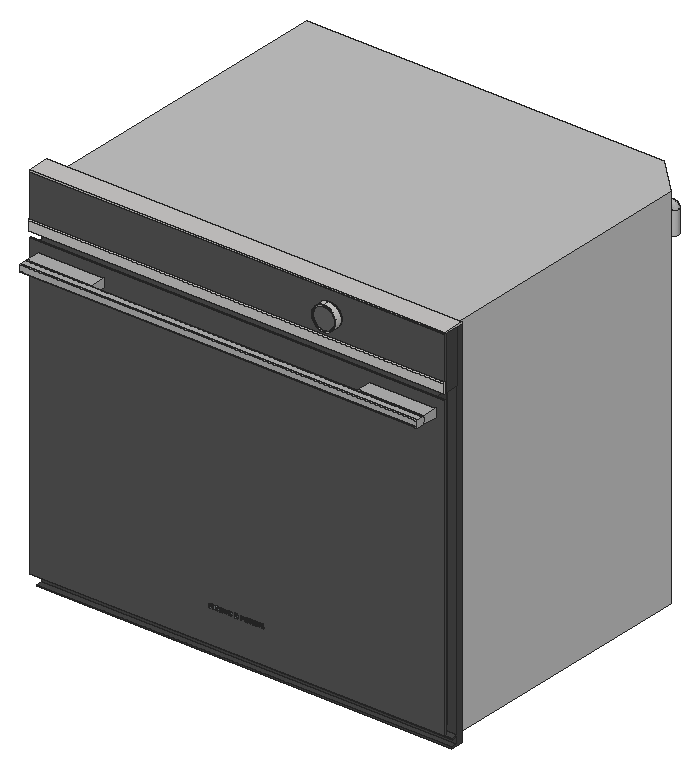
Revit family "FP-Revit18-OB76SDPTDX2-Oven-0-9000xxxxA", category Specialty Equipment, Revit 2018
Family settings
  Round Connector Dimension = Use Diameter
  Part Type = Normal
  OmniClass Number = 23.40.40.14.17.11
  OmniClass Title = Cookers, Ovens, Stoves
  Work Plane-Based = No
  Always vertical = Yes
  Cut with Voids When Loaded = Yes
  Shared = No
  Room Calculation Point = No
Parameters (values of type "OB76SDPTDX2")
  Visibility - Long Trim (Flush Installation) [instance] = no
  Visibility - Clearance Required = yes
  URL = "www.fisherpaykel.com"
  Product - Width = 760 mm  # constant formula
  Product - Height = 690 mm  # constant formula
  Product - Depth = 609 mm  # constant formula
  Model = "OB76SDPTDX2"
  Material - Trim = Fisher & Paykel - Stainless Steel
  Material - Structure = Fisher & Paykel - Black
  Material - Logo = Fisher & Paykel - Graphics Grey
  Material - Handle = Fisher & Paykel - Aluminium
  Material - Glass = Fisher & Paykel - Glass, Black
  Material - Buttons and Dials = Fisher & Paykel - Stainless Steel
  Material - Body = Fisher & Paykel - Grey
  Manufacturer = "Fisher & Paykel Appliances"
  FFL Offset [instance] = 167 mm
  Description = "76cm Self Cleaning Oven"
  Connector Note - Electrical = "220-240 V, 50 Hz, 4.25 kW Max"
  Chassis - Width = 720 mm  # constant formula
  Chassis - Height = 675 mm  # constant formula
  Chassis - Depth = 569 mm  # constant formula
  Cavity - Width = 724 mm  # constant formula
  Cavity - Height = 681 mm  # constant formula
  Cavity - Depth = 575 mm  # constant formula
  Cabinet - Height = 693 mm  # constant formula
Reference planes
  plane 1 "Datum": y = 0
  plane 2: z = 0
  plane 3 "Center (Left/Right)": x = 0
  plane 4 "Cabinet - Height": z = 860
  plane 5 "Product LHS": x = -380
  plane 6 "Product RHS": x = 380
  plane 7 "Product - Depth": y = 569
  plane 8 "Cavity LHS": x = -382
  plane 9 "Cavity RHS": x = 382
  plane 10 "Cavity - Depth": y = 575
  plane 11 "Front Face": y = -40
  plane 12 "FFL Offset": z = 167
  plane 13 "Product - Height": z = 857
  plane 14: z = 848
Forms (mm)
  Extrusion 1, solid, material "Fisher & Paykel - Grey" <- "Material - Body"
    sketch origin (0, 0, 0) x (1, 0, 0) y (0, 1, 0)
      loop
        line (-359.809, 0) -> (360.191, 0) -> (360.191, 503) -> (294.191, 569) -> (-359.809, 569) -> (-359.809, 0)
    from 167 to 842
  Extrusion 2, solid, material "Fisher & Paykel - Clearance Required", visible <- "Visibility - Clearance Required", detail levels coarse
    sketch origin (0, 0, 0) x (1, 0, 0) y (0, 1, 0)
      loop
        line (-361.809, 0) -> (362.191, 0) -> (362.191, 575) -> (-361.809, 575) -> (-361.809, 0)
    from 167 to 848
  Extrusion 3, solid, material "Fisher & Paykel - Black" <- "Material - Structure"
    sketch origin (0, 0, 0) x (0, 1, 0) y (0, 0, 1)
      loop
        line (-11, 854.1) -> (-11, 184.834) -> (-21.5, 182.02) -> (-21.254, 181.102) -> (-11, 183.85) -> (-11, 168.95) -> (-22, 168.95) -> (-22, 167) -> (0, 167) -> (0, 854.1) -> (-11, 854.1)
    from -380 to 380
  Extrusion 4, solid, material "Fisher & Paykel - Black" <- "Material - Structure"
    sketch origin (0, 0, 0) x (0, 1, 0) y (0, 0, 1)
      loop
        line (-36, 854.1) -> (-36, 757) -> (-11, 757) -> (-11, 854.1) -> (-36, 854.1)
    from -380 to 380
  Extrusion 5, solid, material "Fisher & Paykel - Black" <- "Material - Structure"
    sketch origin (0, 0, 0) x (0, 1, 0) y (0, 0, 1)
      loop
        line (-16.2, 194.63) -> (-16.2, 744.665) -> (-36, 744.665) -> (-36, 194.63) -> (-16.2, 194.63)
    from -365 to 363.494
  Extrusion 6, solid, material "Fisher & Paykel - Black" <- "Material - Structure"
    sketch origin (0, 0, 0) x (0, 1, 0) y (0, 0, 1)
      loop
        line (-16.2, 744.665) -> (-16.2, 194.63) -> (-11, 194.63) -> (-11, 744.665) -> (-16.2, 744.665)
    from -361 to 361
  Extrusion 7, solid, material "Fisher & Paykel - Glass, Black" <- "Material - Glass"
    sketch origin (0, 0, 0) x (0, 1, 0) y (0, 0, 1)
      loop
        line (-40, 744.665) -> (-40, 194.63) -> (-36, 194.63) -> (-36, 744.665) -> (-40, 744.665)
    from -380 to 380
  Extrusion 8, solid, material "Fisher & Paykel - Glass, Black" <- "Material - Glass"
    sketch origin (0, 0, 0) x (0, 1, 0) y (0, 0, 1)
      loop
        line (-40, 853.639) -> (-40, 757) -> (-36, 757) -> (-36, 853.639) -> (-40, 853.639)
    from -380 to 380
  Extrusion 9, solid, material "Fisher & Paykel - Stainless Steel" <- "Material - Trim", detail levels fine
    sketch origin (0, 0, 0) x (0, 1, 0) y (0, 0, 1)
      loop
        line (-41.95, 774.531) -> (-41.95, 757) -> (-40, 757) -> (-40, 776.643) -> (-40.8, 776.643) -> (-41.95, 774.531)
    from -380 to 380
  Extrusion 10, solid, material "Fisher & Paykel - Clearance Required", visible <- "Visibility - Clearance Required", detail levels coarse
    sketch origin (0, -2000, 0) x (0, 1, 0) y (0, 0, 1)
      loop
        line (2000, 860) -> (1960.062, 860) -> (1960.062, 746.128)
        arc (1960.062, 746.128) -> (1570.095, 584.598) -> (1408.565, 194.63) r 551.498
        line (1408.565, 194.63) -> (1960, 194.63) -> (1960, 167) -> (2000, 167) -> (2000, 860)
    from -382 to 382
  Extrusion 11, solid, material "Fisher & Paykel - Stainless Steel" <- "Material - Trim"
    sketch origin (0, 0, 0) x (0, 1, 0) y (0, 0, 1)
      loop
        line (-40, 857) -> (-40, 854.1) -> (0, 854.1) -> (0, 857) -> (-40, 857)
    from -380 to 380
  Extrusion 12, void
    sketch origin (0, 0, 0) x (1, 0, 0) y (0, 1, 0)
      loop
        line (-361.809, 575) -> (-361.809, 0) -> (362.191, 0) -> (362.191, 575) -> (-361.809, 575)
    from 167 to 848
  Extrusion 13, void
    sketch origin (0, 0, 0) x (1, 0, 0) y (0, 1, 0)
      loop
        line (-382, 0) -> (-382, -40) -> (382, -40) -> (382, 0) -> (-382, 0)
    from 167 to 860
  Revolve 14, solid, material "Fisher & Paykel - Stainless Steel" <- "Material - Buttons and Dials", detail levels fine
    sketch origin (170, -40, 812.5) x (0, 1, 0) y (0, 0, 1)
      loop
        line (0, 22) -> (-0.843, 22) -> (-0.843, 16.038) -> (-2.39, 16.038) -> (-2.39, 22) -> (-13.7, 22) -> (-13.7, 21.2) -> (-13.191, 20) -> (-8.9, 20) -> (-8.9, 0) -> (0, 0) -> (0, 22)
      axis (0, 0) -> (-13.7, 0)
    angle from 0 to 360
  Extrusion 15, solid, material "Fisher & Paykel - Stainless Steel, Dark", detail levels fine
    sketch origin (170, -40, 812.5) x (1, 0, 0) y (0, 0, 1)
      loop
        circle (0, 0) r 19.45
    from 8.9 to 13.191
  Extrusion 16, solid, material "Fisher & Paykel - Stainless Steel" <- "Material - Buttons and Dials", detail levels coarse+medium
    sketch origin (170, -40, 812.5) x (1, 0, 0) y (0, 0, 1)
      loop
        circle (0, 0) r 22
    from 0 to 13.7
  Extrusion 17, solid, material "Fisher & Paykel - Bezel Red", detail levels fine
    sketch origin (170, -40, 812.5) x (1, 0, 0) y (0, 0, 1)
      loop
        circle (0, 0) r 19.45
      loop
        circle (0, 0) r 20
    from 2.39 to 13.191
  Extrusion 18, solid, material "Fisher & Paykel - Aluminium" <- "Material - Handle", detail levels fine
    sketch origin (8.022, -41, 719.648) x (0, 1, 0) y (0, 0, 1)
      loop
        arc (-26.813, 6.16) -> (-27.196, 6.554) -> (-27.728, 6.686) r 1
        line (-27.728, 6.686) -> (-40.035, 6.256)
        arc (-40.035, 6.256) -> (-40.719, 5.951) -> (-41, 5.257) r 1
        line (-41, 5.257) -> (-41, -5.257)
        arc (-41, -5.257) -> (-40.719, -5.951) -> (-40.035, -6.256) r 1
        line (-40.035, -6.256) -> (-27.709, -6.686)
        arc (-27.709, -6.686) -> (-27.175, -6.554) -> (-26.792, -6.158) r 1
        arc (-26.792, -6.158) -> (-25.256, 0.004) -> (-26.813, 6.16) r 13.038
    from -371.522 to 355.478
  Extrusion 19, solid, material "Fisher & Paykel - Aluminium" <- "Material - Handle", detail levels fine
    sketch origin (8.022, -41, 719.648) x (0, 1, 0) y (0, 0, 1)
      loop
        arc (-26.626, -6.008) -> (-26.614, -6.49) -> (-26.2, -6.737) r 0.5
        line (-26.2, -6.737) -> (1, -7.732) -> (1, 7.741) -> (-26.174, 6.747)
        arc (-26.174, 6.747) -> (-26.587, 6.5) -> (-26.6, 6.019) r 0.5
        arc (-26.6, 6.019) -> (-25.156, 0.002) -> (-26.626, -6.008) r 13.136
    from 235.478 to 355.478
  Extrusion 20, solid, material "Fisher & Paykel - Aluminium" <- "Material - Handle", detail levels coarse+medium
    sketch origin (8.022, -42, 719.648) x (1, 0, 0) y (0, 1, 0)
      loop
        line (-371.522, -40) -> (355.478, -40) -> (355.478, 2) -> (235.478, 2) -> (235.478, -24.334) -> (-251.522, -24.334) -> (-251.522, 2) -> (-371.522, 2) -> (-371.522, -40)
    from -8.022 to 7.978
  Extrusion 21, solid, material "Fisher & Paykel - Aluminium" <- "Material - Handle", detail levels fine
    sketch origin (8.022, -41, 719.648) x (0, 1, 0) y (0, 0, 1)
      loop
        arc (-26.626, -6.008) -> (-26.614, -6.49) -> (-26.2, -6.737) r 0.5
        line (-26.2, -6.737) -> (1, -7.732) -> (1, 7.741) -> (-26.174, 6.747)
        arc (-26.174, 6.747) -> (-26.587, 6.5) -> (-26.6, 6.019) r 0.5
        arc (-26.6, 6.019) -> (-25.156, 0.002) -> (-26.626, -6.008) r 13.136
    from -371.522 to -251.522
  Extrusion 22, solid, material "Fisher & Paykel - Aluminium" <- "Material - Handle", not visible, detail levels fine
    sketch origin (8.022, -2041, 719.648) x (0, 1, 0) y (0, 0, 1)
      loop
        arc (-26.813, 6.16) -> (-27.196, 6.554) -> (-27.728, 6.686) r 1
        line (-27.728, 6.686) -> (-40.035, 6.256)
        arc (-40.035, 6.256) -> (-40.719, 5.951) -> (-41, 5.257) r 1
        line (-41, 5.257) -> (-41, -5.257)
        arc (-41, -5.257) -> (-40.719, -5.951) -> (-40.035, -6.256) r 1
        line (-40.035, -6.256) -> (-27.709, -6.686)
        arc (-27.709, -6.686) -> (-27.175, -6.554) -> (-26.792, -6.158) r 1
        arc (-26.792, -6.158) -> (-25.256, 0.004) -> (-26.813, 6.16) r 13.038
    from -371.522 to 355.478
  Extrusion 23, solid, material "Fisher & Paykel - Aluminium" <- "Material - Handle", not visible, detail levels fine
    sketch origin (8.022, -2041, 719.648) x (0, 1, 0) y (0, 0, 1)
      loop
        arc (-26.626, -6.008) -> (-26.614, -6.49) -> (-26.2, -6.737) r 0.5
        line (-26.2, -6.737) -> (1, -7.732) -> (1, 7.741) -> (-26.174, 6.747)
        arc (-26.174, 6.747) -> (-26.587, 6.5) -> (-26.6, 6.019) r 0.5
        arc (-26.6, 6.019) -> (-25.156, 0.002) -> (-26.626, -6.008) r 13.136
    from 235.478 to 355.478
  Extrusion 24, solid, material "Fisher & Paykel - Aluminium" <- "Material - Handle", not visible, detail levels coarse+medium
    sketch origin (8.022, -2042, 719.648) x (1, 0, 0) y (0, 1, 0)
      loop
        line (-371.522, -40) -> (355.478, -40) -> (355.478, 2) -> (235.478, 2) -> (235.478, -24.334) -> (-251.522, -24.334) -> (-251.522, 2) -> (-371.522, 2) -> (-371.522, -40)
    from -8.022 to 7.978
  Extrusion 25, solid, material "Fisher & Paykel - Aluminium" <- "Material - Handle", not visible, detail levels fine
    sketch origin (8.022, -2041, 719.648) x (0, 1, 0) y (0, 0, 1)
      loop
        arc (-26.626, -6.008) -> (-26.614, -6.49) -> (-26.2, -6.737) r 0.5
        line (-26.2, -6.737) -> (1, -7.732) -> (1, 7.741) -> (-26.174, 6.747)
        arc (-26.174, 6.747) -> (-26.587, 6.5) -> (-26.6, 6.019) r 0.5
        arc (-26.6, 6.019) -> (-25.156, 0.002) -> (-26.626, -6.008) r 13.136
    from -371.522 to -251.522
  Extrusion 26, solid, material "Fisher & Paykel - Grey" <- "Material - Body"
    sketch origin (327.191, 536, 797.625) x (0.707107, -0.707107, 0) y (0, 0, 1)
      loop
        circle (0, 0) r 14.523
      loop
        circle (0, 0) r 7.273
    from -3.02 to 0
  Sweep 27, solid, material "Fisher & Paykel - Grey" <- "Material - Body"
    path origin (327.191, 536, 797.625) x (0.707107, 0.707107, 0) y (0, 0, 1)
      loop
        line (0, 0) -> (2.546, 0)
        arc (2.546, 0) -> (8.203, -2.343) -> (10.546, -8) r 8
        line (10.546, -8) -> (10.546, -49.977)
    profile origin (328.091, 536.9, 797.625) x (0, 0, 1) y (0.707107, -0.707107, 0)
      loop
        circle (0, 0) r 7.273
  Extrusion 28, solid, material "Fisher & Paykel - Grey" <- "Material - Body", not visible
    sketch origin (327.191, 536, 797.625) x (0.707107, -0.707107, 0) y (0, 0, 1)
      loop
        circle (0, 0) r 14.523
      loop
        circle (0, 0) r 7.273
    from -3.02 to 0
  Sweep 29, solid, material "Fisher & Paykel - Grey" <- "Material - Body", not visible
    path origin (327.191, 536, 797.625) x (0.707107, 0.707107, 0) y (0, 0, 1)
      loop
        line (0, 0) -> (2.546, 0)
        arc (2.546, 0) -> (8.203, -2.343) -> (10.546, -8) r 8
        line (10.546, -8) -> (10.546, -49.977)
    profile origin (328.091, 536.9, 797.625) x (0, 0, 1) y (0.707107, -0.707107, 0)
      loop
        circle (0, 0) r 7.273
  Extrusion 30, solid, material "Fisher & Paykel - Graphics Grey" <- "Material - Logo", detail levels fine
    sketch origin (0, -39.2, 255.6) x (1, 0, 0) y (0, 0, 1)
      loop
        line (-50.044, 0) -> (-48.47, 0) -> (-48.47, 2.138) -> (-46.011, 2.138) -> (-46.011, 3.472) -> (-48.47, 3.472) -> (-48.47, 4.712) -> (-45.795, 4.712) -> (-45.795, 6.04) -> (-50.044, 6.04) -> (-50.044, 0)
      loop
        line (-42.804, 6.04) -> (-42.804, 0) -> (-41.23, 0) -> (-41.23, 6.04) -> (-42.804, 6.04)
      loop
        line (-30.724, 6.04) -> (-30.724, 0) -> (-29.151, 0) -> (-29.151, 2.42) -> (-26.839, 2.42) -> (-26.839, 0) -> (-25.265, 0) -> (-25.265, 6.04) -> (-26.839, 6.04) -> (-26.839, 3.748) -> (-29.151, 3.748) -> (-29.151, 6.04) -> (-30.724, 6.04)
      loop
        line (-21.906, 6.04) -> (-21.906, 0) -> (-17.602, 0) -> (-17.602, 1.328) -> (-20.347, 1.328) -> (-20.347, 2.42) -> (-17.838, 2.42) -> (-17.838, 3.748) -> (-20.347, 3.748) -> (-20.347, 4.712) -> (-17.602, 4.712) -> (-17.602, 6.04) -> (-21.906, 6.04)
      loop
        line (45.667, 6.04) -> (45.667, 0) -> (49.956, 0) -> (49.956, 1.328) -> (47.241, 1.328) -> (47.241, 6.04) -> (45.667, 6.04)
      loop
        line (42.431, 6.04) -> (38.112, 6.04) -> (38.112, 0) -> (42.431, 0) -> (42.431, 1.328) -> (39.687, 1.328) -> (39.687, 2.42) -> (42.195, 2.42) -> (42.195, 3.748) -> (39.687, 3.748) -> (39.687, 4.712) -> (42.431, 4.712) -> (42.431, 6.04)
      loop
        line (33.451, 3.148) -> (35.683, 6.04) -> (33.844, 6.04) -> (31.915, 3.542) -> (31.915, 6.04) -> (30.342, 6.04) -> (30.342, 0) -> (31.915, 0) -> (31.915, 2.705) -> (33.903, 0) -> (35.763, 0) -> (33.451, 3.148)
      loop
        line (21.98, 6.04) -> (24.262, 2.42) -> (24.262, 0) -> (25.837, 0) -> (25.837, 2.341) -> (28.119, 6.04) -> (26.446, 6.04) -> (25.099, 3.707) -> (23.753, 6.04) -> (21.98, 6.04)
      loop
        line (18.479, 6.04) -> (16.983, 6.04) -> (14.524, 0) -> (16.069, 0) -> (16.501, 1.112) -> (18.921, 1.112) -> (19.354, 0) -> (20.938, 0) -> (18.479, 6.04)
      loop
        line (18.4, 2.439) -> (17.693, 4.174) -> (17.018, 2.439) -> (18.4, 2.439)
      loop
        line (8.031, 6.04) -> (8.031, 0) -> (9.605, 0) -> (9.605, 1.938) -> (10.599, 1.938)
        arc (10.599, 1.938) -> (12.65, 3.989) -> (10.599, 6.04) r 2.051
        line (10.599, 6.04) -> (8.031, 6.04)
      loop
        line (9.605, 4.712) -> (9.605, 3.197) -> (10.501, 3.197)
        arc (10.501, 3.197) -> (11.259, 3.954) -> (10.501, 4.712) r 0.757
        line (10.501, 4.712) -> (9.605, 4.712)
      loop
        line (-11.783, 6.04) -> (-14.366, 6.04) -> (-14.366, 0) -> (-12.792, 0) -> (-12.792, 1.336) -> (-11.992, 1.336) -> (-10.972, 0) -> (-9.153, 0) -> (-10.694, 1.973)
        arc (-10.694, 1.973) -> (-9.678, 4.424) -> (-11.783, 6.04) r 2.179
      loop
        line (-11.897, 4.712) -> (-12.792, 4.712) -> (-12.792, 3.053) -> (-11.897, 3.053)
        arc (-11.897, 3.053) -> (-11.068, 3.882) -> (-11.897, 4.712) r 0.83
      loop
        line (0.477, 4.712) -> (0.477, 6.153) -> (-3.575, 6.153) -> (-3.575, 4.851) -> (-2.974, 4.112)
        arc (-2.974, 4.112) -> (-3.51, 0.684) -> (-0.045, 0.512) r 2.334
        line (-0.045, 0.512) -> (0.46, -0.109) -> (2.246, -0.109) -> (0.86, 1.594) -> (2.061, 3.324) -> (0.443, 3.324) -> (-0.013, 2.667) -> (-1.677, 4.712) -> (0.477, 4.712)
      loop
        arc (-2.125, 3.068) -> (-2.269, 1.668) -> (-0.868, 1.524) r 0.996
        line (-0.868, 1.524) -> (-2.125, 3.068)
      loop
        line (-35.18, 3.634) -> (-36.516, 3.91)
        arc (-36.516, 3.91) -> (-37.049, 4.443) -> (-36.516, 4.976) r 0.533
        arc (-36.516, 4.976) -> (-35.235, 4.79) -> (-34.059, 4.248) r 4.505
        line (-34.059, 4.248) -> (-34.059, 5.743)
        arc (-34.059, 5.743) -> (-35.549, 6.179) -> (-37.1, 6.109) r 4.726
        arc (-37.1, 6.109) -> (-38.536, 4.335) -> (-37.1, 2.561) r 1.814
        line (-37.1, 2.561) -> (-35.754, 2.282)
        arc (-35.754, 2.282) -> (-35.221, 1.749) -> (-35.754, 1.216) r 0.533
        arc (-35.754, 1.216) -> (-37.035, 1.402) -> (-38.211, 1.945) r 4.505
        line (-38.211, 1.945) -> (-38.211, 0.449)
        arc (-38.211, 0.449) -> (-36.72, 0.013) -> (-35.169, 0.083) r 4.726
        arc (-35.169, 0.083) -> (-33.734, 1.863) -> (-35.18, 3.634) r 1.814
    from 0.8 to 1.6
  Revolve 31, solid, material "Fisher & Paykel - Stainless Steel" <- "Material - Buttons and Dials", not visible, detail levels fine
    sketch origin (170, -40, 745.5) x (0, 1, 0) y (0, 0, 1)
      loop
        line (0, 22) -> (-0.843, 22) -> (-0.843, 16.038) -> (-2.39, 16.038) -> (-2.39, 22) -> (-13.7, 22) -> (-13.7, 21.2) -> (-13.191, 20) -> (-8.9, 20) -> (-8.9, 0) -> (0, 0) -> (0, 22)
      axis (0, 0) -> (-13.7, 0)
    angle from 0 to 360
  Extrusion 32, solid, material "Fisher & Paykel - Stainless Steel, Dark", not visible, detail levels fine
    sketch origin (170, -40, 745.5) x (1, 0, 0) y (0, 0, 1)
      loop
        circle (0, 0) r 19.45
    from 8.9 to 13.191
  Extrusion 33, solid, material "Fisher & Paykel - Stainless Steel" <- "Material - Buttons and Dials", not visible, detail levels coarse+medium
    sketch origin (170, -40, 745.5) x (1, 0, 0) y (0, 0, 1)
      loop
        circle (0, 0) r 22
    from 0 to 13.7
  Extrusion 34, solid, material "Fisher & Paykel - Bezel Red", not visible, detail levels fine
    sketch origin (170, -40, 745.5) x (1, 0, 0) y (0, 0, 1)
      loop
        circle (0, 0) r 19.45
      loop
        circle (0, 0) r 20
    from 2.39 to 13.191
  Extrusion 35, solid, material "Fisher & Paykel - Black" <- "Material - Structure", visible <- "Visibility - Long Trim (Flush Installation)"
    sketch origin (0, 0, 0) x (0, 1, 0) y (0, 0, 1)
      loop
        line (0, 167) -> (0, 168.95) -> (-39, 168.95) -> (-39, 167) -> (0, 167)
    from -380 to 380
Lines and regions (mm)
  model lines, style "Fisher & Paykel"
    curve 1: line (-54, -40, 847.5) -> (54, -40, 847.5)
    curve 2: line (-54, -40, 782.7) -> (-54, -40, 847.5)
    curve 3: line (54, -40, 782.7) -> (-54, -40, 782.7)
    curve 4: line (54, -40, 847.5) -> (54, -40, 782.7)
Text (mm)
  text "Due to ongoing product development, product details are subject to change without notice. \nPlease always refer to www.fisherpaykel.com for the most current product information. \n© Fisher & Paykel 2020" at (41.04, -678.295, 0), in view "Ref. Level (Plan)"
Dimensions and locks
  equal spacing: plane 5 "Product LHS", plane 3 "Center (Left/Right)", plane 6 "Product RHS"
  "Product - Width": plane 5 "Product LHS" to plane 6 "Product RHS"
  equal spacing: plane 8 "Cavity LHS", plane 3 "Center (Left/Right)", plane 9 "Cavity RHS"
  "Cavity - Width": Extrusion 2 to Extrusion 2
  "Chassis - Width": Extrusion 1 to Extrusion 1
  locked: plane 11 "Front Face" to plane 1 "Datum" at 40
  "FFL Offset": plane 12 "FFL Offset" to level
  "Chassis - Height": Extrusion 1 to plane 12 "FFL Offset"
  locked: Extrusion 5 to plane 12 "FFL Offset" at 27.63
  "Cabinet - Height": plane 4 "Cabinet - Height" to plane 12 "FFL Offset"
  "Product - Height": plane 12 "FFL Offset" to plane 13 "Product - Height"
  Extrusion 4 to plane 13 "Product - Height" = 100 mm
  locked: Extrusion 16 to plane 13 "Product - Height" at 44.5
  locked: Extrusion 20 to plane 13 "Product - Height" at 129.374
  locked: Sweep 27 to plane 13 "Product - Height" at 109.352
  "Chassis - Depth": plane 1 "Datum" to plane 7 "Product - Depth"
  "Cavity - Depth": plane 10 "Cavity - Depth" to plane 1 "Datum"
  "Cavity - Height": plane 12 "FFL Offset" to plane 14
  locked: plane 8 "Cavity LHS" to plane 9 "Cavity RHS" at 764
  aligned and locked: level to plane 2
  aligned and locked: plane 5 "Product LHS" to Extrusion 3
  aligned and locked: Extrusion 3 to plane 6 "Product RHS"
  aligned and locked: plane 8 "Cavity LHS" to Extrusion 10
  aligned and locked: Extrusion 10 to plane 9 "Cavity RHS"
  aligned and locked: Extrusion 10 sketch curve to plane 12 "FFL Offset"
  aligned and locked: plane 12 "FFL Offset" to Extrusion 3 sketch curve
  aligned and locked: Extrusion 3 to Extrusion 1
  aligned and locked: Extrusion 5 to Extrusion 6
  aligned and locked: Extrusion 7 to Extrusion 5
  aligned and locked: Extrusion 12 to Extrusion 1
  aligned and locked: Extrusion 12 to Extrusion 2
  aligned and locked: Extrusion 13 to Extrusion 1
  aligned and locked: plane 4 "Cabinet - Height" to Extrusion 13
  aligned and locked: Extrusion 2 to Extrusion 1
  aligned and locked: Extrusion 11 to plane 13 "Product - Height"
  aligned and locked: Extrusion 12 to plane 14
  aligned and locked: Extrusion 2 to plane 14
  aligned and locked: Extrusion 10 to Extrusion 7
Automatic sketch dimensions
  Revolve 14 sketch curve to Revolve 14 sketch curve = 1.547 mm
  Revolve 14 sketch curve to Revolve 14 sketch curve = 6.51 mm
  Revolve 14 sketch curve to Revolve 14 sketch curve = 4.291 mm
  Revolve 14 sketch curve to Revolve 14 sketch curve = 0.509 mm
  Revolve 14 sketch curve to Revolve 14 sketch curve = 16.038 mm
  Revolve 14 sketch curve to Revolve 14 sketch curve = 3.962 mm
  Revolve 14 sketch curve to Revolve 14 sketch curve = 1.2 mm
  Revolve 14 sketch curve to Revolve 14 sketch curve = 0.8 mm
  Revolve 14 sketch curve to Revolve 14 sketch curve = 0 mm  (x3)
  Revolve 14 sketch curve to Revolve 14 sketch curve = 9.733 mm
  Revolve 14 sketch curve to Revolve 14 sketch curve = 8.9 mm
  Extrusion 18 sketch curve to Extrusion 18 sketch curve = 0.965 mm  (x2)
  Extrusion 18 sketch curve to Extrusion 18 sketch curve = 0.035 mm  (x4)
  Extrusion 18 sketch curve to Extrusion 18 sketch curve = 1.706 mm
  Extrusion 18 sketch curve to Extrusion 18 sketch curve = 12.307 mm
  Extrusion 18 sketch curve to Extrusion 18 sketch curve = 12.326 mm
  Extrusion 18 sketch curve to Extrusion 18 sketch curve = 0.999 mm  (x2)
  Extrusion 18 sketch curve to Extrusion 18 sketch curve = 5.238 mm
  Extrusion 18 sketch curve to Extrusion 18 sketch curve = 0 mm
  Extrusion 19 sketch curve to Extrusion 19 sketch curve = 12.091 mm
  Extrusion 19 sketch curve to Extrusion 19 sketch curve = 0.018 mm  (x2)
  Extrusion 19 sketch curve to Extrusion 19 sketch curve = 0.008 mm
  Extrusion 19 sketch curve to Extrusion 19 sketch curve = 27.174 mm
  Extrusion 19 sketch curve to Extrusion 19 sketch curve = 15.473 mm
  Extrusion 19 sketch curve to Extrusion 19 sketch curve = 0.5 mm  (x2)
  Extrusion 19 sketch curve to Extrusion 19 sketch curve = 0 mm
  Extrusion 21 sketch curve to Extrusion 21 sketch curve = 12.091 mm
  Extrusion 21 sketch curve to Extrusion 21 sketch curve = 0.018 mm  (x2)
  Extrusion 21 sketch curve to Extrusion 21 sketch curve = 0.008 mm
  Extrusion 21 sketch curve to Extrusion 21 sketch curve = 27.174 mm
  Extrusion 21 sketch curve to Extrusion 21 sketch curve = 15.473 mm
  Extrusion 21 sketch curve to Extrusion 21 sketch curve = 0.5 mm  (x2)
  Extrusion 21 sketch curve to Extrusion 21 sketch curve = 0 mm
  Extrusion 18 sketch curve to Extrusion 18 sketch curve = 0.43 mm
  Extrusion 18 sketch curve to Extrusion 18 sketch curve = 5.275 mm
  Extrusion 18 sketch curve to Extrusion 18 sketch curve = 11.374 mm
  Extrusion 19 sketch curve to Extrusion 19 sketch curve = 0.995 mm
  Extrusion 19 sketch curve to Extrusion 19 sketch curve = 6.268 mm
  Extrusion 19 sketch curve to Extrusion 19 sketch curve = 12.255 mm
  Extrusion 21 sketch curve to Extrusion 21 sketch curve = 0.995 mm
  Extrusion 21 sketch curve to Extrusion 21 sketch curve = 6.268 mm
  Extrusion 21 sketch curve to Extrusion 21 sketch curve = 12.255 mm
  Extrusion 20 sketch curve to Extrusion 20 sketch curve = 120 mm  (x2)
  Extrusion 20 sketch curve to Extrusion 20 sketch curve = 15.666 mm
  Extrusion 20 sketch curve to Extrusion 20 sketch curve = 26.334 mm  (x2)
  Extrusion 20 sketch curve to Extrusion 20 sketch curve = 487 mm
  Extrusion 22 sketch curve to Extrusion 22 sketch curve = 0.965 mm  (x2)
  Extrusion 22 sketch curve to Extrusion 22 sketch curve = 0.035 mm  (x4)
  Extrusion 22 sketch curve to Extrusion 22 sketch curve = 1.706 mm
  Extrusion 22 sketch curve to Extrusion 22 sketch curve = 12.307 mm
  Extrusion 22 sketch curve to Extrusion 22 sketch curve = 12.326 mm
  Extrusion 22 sketch curve to Extrusion 22 sketch curve = 0.999 mm  (x2)
  Extrusion 22 sketch curve to Extrusion 22 sketch curve = 5.238 mm
  Extrusion 22 sketch curve to Extrusion 22 sketch curve = 0 mm
  Extrusion 23 sketch curve to Extrusion 23 sketch curve = 12.091 mm
  Extrusion 23 sketch curve to Extrusion 23 sketch curve = 0.018 mm  (x2)
  Extrusion 23 sketch curve to Extrusion 23 sketch curve = 0.008 mm
  Extrusion 23 sketch curve to Extrusion 23 sketch curve = 27.174 mm
  Extrusion 23 sketch curve to Extrusion 23 sketch curve = 15.473 mm
  Extrusion 23 sketch curve to Extrusion 23 sketch curve = 0.5 mm  (x2)
  Extrusion 23 sketch curve to Extrusion 23 sketch curve = 0 mm
  Extrusion 25 sketch curve to Extrusion 25 sketch curve = 12.091 mm
  Extrusion 25 sketch curve to Extrusion 25 sketch curve = 0.018 mm  (x2)
  Extrusion 25 sketch curve to Extrusion 25 sketch curve = 0.008 mm
  Extrusion 25 sketch curve to Extrusion 25 sketch curve = 27.174 mm
  Extrusion 25 sketch curve to Extrusion 25 sketch curve = 15.473 mm
  Extrusion 25 sketch curve to Extrusion 25 sketch curve = 0.5 mm  (x2)
  Extrusion 25 sketch curve to Extrusion 25 sketch curve = 0 mm
  Extrusion 22 sketch curve to Extrusion 22 sketch curve = 0.43 mm
  Extrusion 22 sketch curve to Extrusion 22 sketch curve = 5.275 mm
  Extrusion 22 sketch curve to Extrusion 22 sketch curve = 11.374 mm
  Extrusion 23 sketch curve to Extrusion 23 sketch curve = 0.995 mm
  Extrusion 23 sketch curve to Extrusion 23 sketch curve = 6.268 mm
  Extrusion 23 sketch curve to Extrusion 23 sketch curve = 12.255 mm
  Extrusion 25 sketch curve to Extrusion 25 sketch curve = 0.995 mm
  Extrusion 25 sketch curve to Extrusion 25 sketch curve = 6.268 mm
  Extrusion 25 sketch curve to Extrusion 25 sketch curve = 12.255 mm
  Extrusion 24 sketch curve to Extrusion 24 sketch curve = 120 mm  (x2)
  Extrusion 24 sketch curve to Extrusion 24 sketch curve = 15.666 mm
  Extrusion 24 sketch curve to Extrusion 24 sketch curve = 26.334 mm  (x2)
  Extrusion 24 sketch curve to Extrusion 24 sketch curve = 487 mm
  Extrusion 26 sketch curve to Extrusion 26 sketch curve = 0 mm  (x4)
  Sweep 27 sketch curve to Sweep 27 sketch curve = 8 mm
  Sweep 27 sketch curve to Sweep 27 sketch curve = 2.546 mm
  Sweep 27 sketch curve to Sweep 27 sketch curve = 41.977 mm
  Sweep 27 sketch curve to profile plane = 0 mm  (x2)
  Extrusion 28 sketch curve to Extrusion 28 sketch curve = 0 mm  (x4)
  Sweep 29 sketch curve to Sweep 29 sketch curve = 8 mm
  Sweep 29 sketch curve to Sweep 29 sketch curve = 2.546 mm
  Sweep 29 sketch curve to Sweep 29 sketch curve = 41.977 mm
  Sweep 29 sketch curve to profile plane = 0 mm  (x2)
  plane 1 "Datum" to Extrusion 1 sketch curve = 0 mm
  Extrusion 1 sketch curve to plane 7 "Product - Depth" = 0 mm
  Extrusion 1 sketch curve to plane 5 "Product LHS" = 20.191 mm
  plane 6 "Product RHS" to Extrusion 1 sketch curve = 85.809 mm
  plane 6 "Product RHS" to Extrusion 1 sketch curve = 19.809 mm
  Extrusion 1 sketch curve to plane 7 "Product - Depth" = 66 mm
  plane 1 "Datum" to Extrusion 2 sketch curve = 0 mm
  plane 10 "Cavity - Depth" to Extrusion 2 sketch curve = 0 mm
  Extrusion 2 sketch curve to plane 5 "Product LHS" = 18.191 mm
  plane 6 "Product RHS" to Extrusion 2 sketch curve = 17.809 mm
  Extrusion 3 sketch curve to plane 1 "Datum" = 0 mm
  plane 1 "Datum" to Extrusion 3 sketch curve = 11 mm
  Extrusion 3 sketch curve to Extrusion 3 sketch curve = 0 mm
  Extrusion 3 sketch curve to Extrusion 3 sketch curve = 10.254 mm
  plane 12 "FFL Offset" to Extrusion 3 sketch curve = 15.02 mm
  Extrusion 3 sketch curve to Extrusion 3 sketch curve = 0.246 mm
  plane 12 "FFL Offset" to Extrusion 3 sketch curve = 1.95 mm
  Extrusion 3 sketch curve to Extrusion 3 sketch curve = 11 mm
  Extrusion 3 sketch curve to Extrusion 3 sketch curve = 0.918 mm
  plane 13 "Product - Height" to Extrusion 3 sketch curve = 2.9 mm
  plane 11 "Front Face" to Extrusion 4 sketch curve = 4 mm
  plane 1 "Datum" to Extrusion 4 sketch curve = 11 mm
  plane 14 to Extrusion 4 sketch curve = 91 mm
  plane 13 "Product - Height" to Extrusion 4 sketch curve = 2.9 mm
  plane 11 "Front Face" to Extrusion 5 sketch curve = 4 mm
  plane 1 "Datum" to Extrusion 5 sketch curve = 16.2 mm
  plane 12 "FFL Offset" to Extrusion 5 sketch curve = 27.63 mm
  plane 14 to Extrusion 5 sketch curve = 103.335 mm
  plane 1 "Datum" to Extrusion 6 sketch curve = 16.2 mm
  Extrusion 6 sketch curve to Extrusion 6 sketch curve = 5.2 mm
  plane 12 "FFL Offset" to Extrusion 6 sketch curve = 27.63 mm
  plane 14 to Extrusion 6 sketch curve = 103.335 mm
  Extrusion 7 sketch curve to plane 11 "Front Face" = 0 mm
  Extrusion 7 sketch curve to Extrusion 7 sketch curve = 4 mm
  plane 12 "FFL Offset" to Extrusion 7 sketch curve = 27.63 mm
  plane 14 to Extrusion 7 sketch curve = 103.335 mm
  Extrusion 8 sketch curve to plane 11 "Front Face" = 0 mm
  Extrusion 8 sketch curve to Extrusion 8 sketch curve = 4 mm
  plane 14 to Extrusion 8 sketch curve = 91 mm
  plane 13 "Product - Height" to Extrusion 8 sketch curve = 3.361 mm
  Extrusion 9 sketch curve to plane 11 "Front Face" = 0 mm
  Extrusion 9 sketch curve to plane 11 "Front Face" = 0.8 mm
  Extrusion 9 sketch curve to plane 11 "Front Face" = 1.95 mm
  plane 14 to Extrusion 9 sketch curve = 91 mm
  Extrusion 9 sketch curve to Extrusion 9 sketch curve = 17.531 mm
  Extrusion 9 sketch curve to Extrusion 9 sketch curve = 2.112 mm
  plane 11 "Front Face" to Extrusion 10 sketch curve = 0.062 mm
  Extrusion 10 sketch curve to plane 11 "Front Face" = 0 mm
  Extrusion 10 sketch curve to plane 1 "Datum" = 0 mm
  plane 12 "FFL Offset" to Extrusion 10 sketch curve = 27.63 mm
  Extrusion 10 sketch curve to plane 11 "Front Face" = 551.435 mm
  Extrusion 10 sketch curve to plane 4 "Cabinet - Height" = 0 mm
  Extrusion 11 sketch curve to plane 11 "Front Face" = 0 mm
  Extrusion 11 sketch curve to plane 1 "Datum" = 0 mm
  plane 13 "Product - Height" to Extrusion 11 sketch curve = 0 mm
  Extrusion 11 sketch curve to Extrusion 11 sketch curve = 2.9 mm
  plane 1 "Datum" to Extrusion 12 sketch curve = 0 mm
  Extrusion 12 sketch curve to plane 5 "Product LHS" = 18.191 mm
  plane 6 "Product RHS" to Extrusion 12 sketch curve = 17.809 mm
  plane 10 "Cavity - Depth" to Extrusion 12 sketch curve = 0 mm
  Extrusion 13 sketch curve to plane 8 "Cavity LHS" = 0 mm
  Extrusion 13 sketch curve to plane 9 "Cavity RHS" = 0 mm
  Extrusion 13 sketch curve to plane 11 "Front Face" = 0 mm
  plane 1 "Datum" to Extrusion 13 sketch curve = 0 mm
  plane 14 to curve 1 = 0.5 mm
  plane 3 "Center (Left/Right)" to curve 1 = 54 mm
  curve 3 to plane 3 "Center (Left/Right)" = 54 mm
  curve 4 to curve 1 = 64.8 mm
  Extrusion 30 sketch curve to plane 3 "Center (Left/Right)" = 50.044 mm
  Extrusion 30 sketch curve to Extrusion 30 sketch curve = 1.574 mm  (x12)
  Extrusion 30 sketch curve to Extrusion 30 sketch curve = 2.459 mm
  Extrusion 30 sketch curve to Extrusion 30 sketch curve = 0.216 mm
  Extrusion 30 sketch curve to Extrusion 30 sketch curve = 3.207 mm
  Extrusion 30 sketch curve to Extrusion 30 sketch curve = 3.02 mm
  Extrusion 30 sketch curve to Extrusion 30 sketch curve = 1.11 mm
  Extrusion 30 sketch curve to Extrusion 30 sketch curve = 0.379 mm
  Extrusion 30 sketch curve to Extrusion 30 sketch curve = 0.206 mm  (x2)
  Extrusion 30 sketch curve to Extrusion 30 sketch curve = 0.36 mm  (x2)
  Extrusion 30 sketch curve to Extrusion 30 sketch curve = 0.402 mm
  Extrusion 30 sketch curve to Extrusion 30 sketch curve = 0 mm  (x21)
  Extrusion 30 sketch curve to Extrusion 30 sketch curve = 1.335 mm  (x2)
  Extrusion 30 sketch curve to Extrusion 30 sketch curve = 1.121 mm
  Extrusion 30 sketch curve to Extrusion 30 sketch curve = 3.335 mm
  Extrusion 30 sketch curve to Extrusion 30 sketch curve = 2.312 mm  (x2)
  Extrusion 30 sketch curve to Extrusion 30 sketch curve = 3.359 mm
  Extrusion 30 sketch curve to Extrusion 30 sketch curve = 1.559 mm
  Extrusion 30 sketch curve to Extrusion 30 sketch curve = 2.508 mm  (x2)
  Extrusion 30 sketch curve to Extrusion 30 sketch curve = 0.236 mm  (x4)
  Extrusion 30 sketch curve to Extrusion 30 sketch curve = 3.236 mm  (x2)
  Extrusion 30 sketch curve to Extrusion 30 sketch curve = 0.8 mm
  Extrusion 30 sketch curve to Extrusion 30 sketch curve = 0.895 mm
  Extrusion 30 sketch curve to Extrusion 30 sketch curve = 0.114 mm
  Extrusion 30 sketch curve to Extrusion 30 sketch curve = 1.02 mm
  Extrusion 30 sketch curve to Extrusion 30 sketch curve = 1.298 mm
  Extrusion 30 sketch curve to Extrusion 30 sketch curve = 1.82 mm
  Extrusion 30 sketch curve to plane 3 "Center (Left/Right)" = 3.575 mm
  Extrusion 30 sketch curve to Extrusion 30 sketch curve = 0.602 mm
  Extrusion 30 sketch curve to Extrusion 30 sketch curve = 0.849 mm
  Extrusion 30 sketch curve to Extrusion 30 sketch curve = 0.425 mm
  Extrusion 30 sketch curve to Extrusion 30 sketch curve = 1.297 mm
  Extrusion 30 sketch curve to Extrusion 30 sketch curve = 0.203 mm
  Extrusion 30 sketch curve to Extrusion 30 sketch curve = 0.628 mm
  Extrusion 30 sketch curve to Extrusion 30 sketch curve = 0.824 mm
  Extrusion 30 sketch curve to Extrusion 30 sketch curve = 0.855 mm
  Extrusion 30 sketch curve to Extrusion 30 sketch curve = 0.456 mm
  Extrusion 30 sketch curve to Extrusion 30 sketch curve = 0.505 mm
  plane 3 "Center (Left/Right)" to Extrusion 30 sketch curve = 0.477 mm
  plane 3 "Center (Left/Right)" to Extrusion 30 sketch curve = 0.86 mm
  plane 3 "Center (Left/Right)" to Extrusion 30 sketch curve = 2.061 mm
  plane 3 "Center (Left/Right)" to Extrusion 30 sketch curve = 2.246 mm
  plane 3 "Center (Left/Right)" to Extrusion 30 sketch curve = 8.031 mm
  Extrusion 30 sketch curve to Extrusion 30 sketch curve = 0.896 mm
  Extrusion 30 sketch curve to Extrusion 30 sketch curve = 0.994 mm
  Extrusion 30 sketch curve to Extrusion 30 sketch curve = 3.925 mm
  Extrusion 30 sketch curve to Extrusion 30 sketch curve = 1.545 mm
  Extrusion 30 sketch curve to Extrusion 30 sketch curve = 0.433 mm  (x2)
  Extrusion 30 sketch curve to Extrusion 30 sketch curve = 0.482 mm
  Extrusion 30 sketch curve to Extrusion 30 sketch curve = 0.517 mm
  Extrusion 30 sketch curve to Extrusion 30 sketch curve = 0.675 mm
  Extrusion 30 sketch curve to Extrusion 30 sketch curve = 1.381 mm
  Extrusion 30 sketch curve to Extrusion 30 sketch curve = 1.495 mm
  Extrusion 30 sketch curve to Extrusion 30 sketch curve = 0.522 mm
  Extrusion 30 sketch curve to Extrusion 30 sketch curve = 1.584 mm
  Extrusion 30 sketch curve to Extrusion 30 sketch curve = 3.502 mm
  Extrusion 30 sketch curve to Extrusion 30 sketch curve = 1.772 mm
  Extrusion 30 sketch curve to Extrusion 30 sketch curve = 0.51 mm
  Extrusion 30 sketch curve to Extrusion 30 sketch curve = 0.837 mm
  Extrusion 30 sketch curve to Extrusion 30 sketch curve = 0.737 mm
  Extrusion 30 sketch curve to Extrusion 30 sketch curve = 2.694 mm
  Extrusion 30 sketch curve to Extrusion 30 sketch curve = 1.673 mm
  Extrusion 30 sketch curve to Extrusion 30 sketch curve = 2.223 mm
  Extrusion 30 sketch curve to Extrusion 30 sketch curve = 1.535 mm
  Extrusion 30 sketch curve to Extrusion 30 sketch curve = 1.928 mm
  Extrusion 30 sketch curve to Extrusion 30 sketch curve = 1.987 mm
  Extrusion 30 sketch curve to Extrusion 30 sketch curve = 1.839 mm
  Extrusion 30 sketch curve to Extrusion 30 sketch curve = 1.86 mm
  Extrusion 30 sketch curve to Extrusion 30 sketch curve = 2.429 mm
  Extrusion 30 sketch curve to Extrusion 30 sketch curve = 2.715 mm
  plane 12 "FFL Offset" to Extrusion 30 sketch curve = 88.491 mm
  Extrusion 30 sketch curve to Extrusion 30 sketch curve = 0.109 mm  (x5)
  Extrusion 30 sketch curve to Extrusion 30 sketch curve = 0.449 mm
  Extrusion 30 sketch curve to Extrusion 30 sketch curve = 0.023 mm
  Extrusion 30 sketch curve to Extrusion 30 sketch curve = 0.621 mm
  Extrusion 30 sketch curve to Extrusion 30 sketch curve = 1.112 mm
  Extrusion 30 sketch curve to Extrusion 30 sketch curve = 1.328 mm  (x10)
  Extrusion 30 sketch curve to Extrusion 30 sketch curve = 1.336 mm
  Extrusion 30 sketch curve to Extrusion 30 sketch curve = 1.015 mm
  Extrusion 30 sketch curve to Extrusion 30 sketch curve = 1.012 mm
  Extrusion 30 sketch curve to Extrusion 30 sketch curve = 1.082 mm
  Extrusion 30 sketch curve to Extrusion 30 sketch curve = 0.262 mm  (x2)
  Extrusion 30 sketch curve to Extrusion 30 sketch curve = 1.938 mm
  Extrusion 30 sketch curve to Extrusion 30 sketch curve = 1.496 mm  (x2)
  Extrusion 30 sketch curve to Extrusion 30 sketch curve = 0.637 mm
  Extrusion 30 sketch curve to Extrusion 30 sketch curve = 2.138 mm
  Extrusion 30 sketch curve to Extrusion 30 sketch curve = 0.632 mm
  Extrusion 30 sketch curve to Extrusion 30 sketch curve = 0.424 mm  (x2)
  Extrusion 30 sketch curve to Extrusion 30 sketch curve = 0.14 mm
  Extrusion 30 sketch curve to Extrusion 30 sketch curve = 2.341 mm
  Extrusion 30 sketch curve to Extrusion 30 sketch curve = 1.092 mm  (x2)
  Extrusion 30 sketch curve to Extrusion 30 sketch curve = 2.42 mm
  Extrusion 30 sketch curve to Extrusion 30 sketch curve = 0.079 mm
  Extrusion 30 sketch curve to Extrusion 30 sketch curve = 0.616 mm
  Extrusion 30 sketch curve to Extrusion 30 sketch curve = 1.073 mm
  Extrusion 30 sketch curve to Extrusion 30 sketch curve = 2.705 mm
  Extrusion 30 sketch curve to Extrusion 30 sketch curve = 1.716 mm
  Extrusion 30 sketch curve to Extrusion 30 sketch curve = 0.442 mm
  Extrusion 30 sketch curve to Extrusion 30 sketch curve = 1.259 mm
  Extrusion 30 sketch curve to Extrusion 30 sketch curve = 1.73 mm
  Extrusion 30 sketch curve to Extrusion 30 sketch curve = 0.836 mm
  Extrusion 30 sketch curve to Extrusion 30 sketch curve = 1.352 mm
  Extrusion 30 sketch curve to Extrusion 30 sketch curve = 1.287 mm
  Extrusion 30 sketch curve to Extrusion 30 sketch curve = 0.808 mm
  Extrusion 30 sketch curve to Extrusion 30 sketch curve = 0.022 mm
  Extrusion 30 sketch curve to Extrusion 30 sketch curve = 0.276 mm
  Extrusion 30 sketch curve to Extrusion 30 sketch curve = 0.757 mm
  Extrusion 30 sketch curve to Extrusion 30 sketch curve = 0.034 mm
  Extrusion 30 sketch curve to Extrusion 30 sketch curve = 1.735 mm
  Extrusion 30 sketch curve to Extrusion 30 sketch curve = 0.614 mm
  Extrusion 30 sketch curve to Extrusion 30 sketch curve = 0.6 mm
  Extrusion 30 sketch curve to Extrusion 30 sketch curve = 0.964 mm  (x2)
  Extrusion 30 sketch curve to Extrusion 30 sketch curve = 1.24 mm
  Extrusion 30 sketch curve to Extrusion 30 sketch curve = 0.739 mm
  Extrusion 30 sketch curve to Extrusion 30 sketch curve = 0.744 mm
  Extrusion 30 sketch curve to Extrusion 30 sketch curve = 2.292 mm  (x2)
  Extrusion 30 sketch curve to Extrusion 30 sketch curve = 1.866 mm
  Extrusion 30 sketch curve to Extrusion 30 sketch curve = 2.892 mm
  Extrusion 30 sketch curve to Extrusion 30 sketch curve = 2.498 mm
  Extrusion 30 sketch curve to Extrusion 30 sketch curve = 1.302 mm
  Extrusion 17 sketch curve to Extrusion 17 sketch curve = 0 mm  (x4)
  Revolve 31 sketch curve to Revolve 31 sketch curve = 1.547 mm
  Revolve 31 sketch curve to Revolve 31 sketch curve = 6.51 mm
  Revolve 31 sketch curve to Revolve 31 sketch curve = 4.291 mm
  Revolve 31 sketch curve to Revolve 31 sketch curve = 0.509 mm
  Revolve 31 sketch curve to Revolve 31 sketch curve = 16.038 mm
  Revolve 31 sketch curve to Revolve 31 sketch curve = 3.962 mm
  Revolve 31 sketch curve to Revolve 31 sketch curve = 1.2 mm
  Revolve 31 sketch curve to Revolve 31 sketch curve = 0.8 mm
  Revolve 31 sketch curve to Revolve 31 sketch curve = 0 mm  (x3)
  Revolve 31 sketch curve to Revolve 31 sketch curve = 9.733 mm
  Revolve 31 sketch curve to Revolve 31 sketch curve = 8.9 mm
  Extrusion 34 sketch curve to Extrusion 34 sketch curve = 0 mm  (x4)
  Extrusion 35 sketch curve to plane 12 "FFL Offset" = 0 mm
  Extrusion 35 sketch curve to plane 1 "Datum" = 0 mm
  plane 11 "Front Face" to Extrusion 35 sketch curve = 1 mm
  plane 12 "FFL Offset" to Extrusion 35 sketch curve = 1.95 mm
  radius of Extrusion 15 sketch curve = 19.45 mm
  radius of Extrusion 16 sketch curve = 22 mm
  radius of Extrusion 17 sketch curve = 19.45 mm
  radius of Extrusion 17 sketch curve = 20 mm
  radius of Extrusion 26 sketch curve = 14.523 mm
  radius of Extrusion 26 sketch curve = 7.273 mm
  radius of Sweep 27 sketch curve = 7.273 mm
  radius of Extrusion 28 sketch curve = 14.523 mm
  radius of Extrusion 28 sketch curve = 7.273 mm
  radius of Sweep 29 sketch curve = 7.273 mm
  radius of Extrusion 32 sketch curve = 19.45 mm
  radius of Extrusion 33 sketch curve = 22 mm
  radius of Extrusion 34 sketch curve = 19.45 mm
  radius of Extrusion 34 sketch curve = 20 mm
Connectors
  electrical at (334.648, 543.457, 747.648), driven by "Connector Note - Electrical"
    settings: on Sweep 27, index 1, voltage 230 V, apparent load 0 VA, apparent load phase1 0 VA, apparent load phase2 0 VA, apparent load phase3 0 VA, power factor 1, load classification "Other", number of poles 1, system type 30, power factor state 1, is connector primary yes, connector utility no, sub classification motor no, connector description "220-240 V, 50 Hz, 4.25 kW Max"
